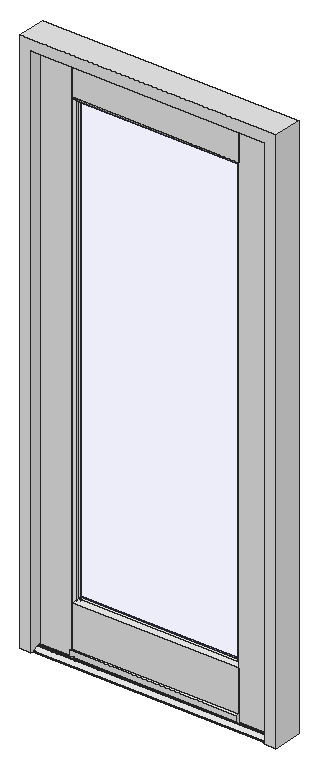
Revit family "kawneer-500_widestile-sgl-ctr-03_17320", category Doors, host Wall, Revit 2015
Parameters (values of type "3' x 7' B.R. 7 1/2"")
  URL = "http://www.kawneer.com/kawneer/north_america/en/product.asp?cat_id=1339&prod_id=1816"
  Type Comments = "CENTER HUNG"
  Thickness = 0' - 1 3/4"
  Stile Width = 0' - 5"
  Rough Width = Width + 0' 4"  # 3' - 4"
  Rough Height = Height + 0' 2"  # 7' - 2"
  Product data url = "https://bimobject.com/kawneerna/product/17196"
  Operation = ""
  Model = "Single 500 Wide Stile Door Center Set B.R. 7 1/2\""
  Manufacturer = "Kawneer"
  Height = 7' - 0"
  Wall Closure = By host
  Width = 3' - 0"
  Function = Interior
  Door Panel = Kawneer - Fluropon_Bone White-391X035
  Door Glazing = Glass
  Door Frame = Kawneer - Fluropon_Bone White-391X035
  Description = "The \"500\" wide stile entrance door features dual-moment corner construction, and it creates a monumental visual appearance for banks, libraries or buildings experiencing the heaviest traffic conditions.\r\neered for moderate traffic in applications such as stores, offices and apartment buildings. Vertical stile measures 2-1/8\" (54); top rail 2-1/4\" (57.2) and bottom rail 3-7/8\" (98.4).  "
  Bottom Rail Height = 0' - 7 1/2"
  Assembly Code = "B2030110"
Types (2): name | Operation | Model | Description | Bottom Rail Height
  3' x 7' B.R. 6 1/2" | "CENTER HUNG" | "Single 500 Wide Stile Door Center Set B.R. 6 1/2\"" | "The \"500\" wide stile entrance door features dual-moment corner construction, and it creates a monumental visual appearance for banks, libraries or buildings experiencing the heaviest traffic conditions." | 0' - 3 7/8"
  3' x 7' B.R. 7 1/2" | "" | "Single 500 Wide Stile Door Center Set B.R. 7 1/2\"" | "The \"500\" wide stile entrance door features dual-moment corner construction, and it creates a monumental visual appearance for banks, libraries or buildings experiencing the heaviest traffic conditions.\r\neered for moderate traffic in applications such as stores, offices and apartment buildings. Vertical stile measures 2-1/8\" (54); top rail 2-1/4\" (57.2) and bottom rail 3-7/8\" (98.4).  " | 0' - 7 1/2"
Reference planes (in)
  plane 1: y = 0
  plane 2 "Center": x = 0
  plane 3 "Left": x = -18
  plane 4 "Right": x = 18
  plane 5 "Top": z = 84
  plane 6 "Glass center": y = 0.125
  plane 7: z = 8.1875
  plane 8: z = 0.6875
Forms (in)
  Sweep 1, solid, material "Kawneer - Fluropon_Bone White-391X035" <- "Door Frame"
    path origin (-60, 3, 0) x (-1, 0, 0) y (0, 0, 1)
      loop
        line (-78, 0) -> (-78, 84) -> (-42, 84) -> (-42, 0)
    profile origin (0, 0, 42) x (1, 0, 0) y (0, 1, 0)
      loop
        line (20, 2.25) -> (18.25, 2.25) -> (18.25, -2.25) -> (20, -2.25) -> (20, 2.25)
  Extrusion 2, solid, material "Glass" <- "Door Glazing"
    sketch origin (0, 0.125, 0) x (1, 0, 0) y (0, 0, 1)
      loop
        line (16, 8.375) -> (16, 82) -> (-12.87501, 82) -> (-12.87501, 8.375) -> (16, 8.375)
    from 0 to 0.25
  Extrusion 3, solid, material "Kawneer - Fluropon_Bone White-391X035" <- "Door Panel"
    sketch origin (0, -0.125, 0) x (0, 1, 0) y (0, 0, 1)
      loop
        line (-0.75, 84) -> (-0.75, 79) -> (-0.68484, 79) -> (-0.24521, 78.47) -> (-0.15138, 78.47) -> (0, 78.33731) -> (0, 78.8125) -> (0.24999, 78.8125) -> (0.24999, 78.32482) -> (0.40117, 78.47) -> (0.49715, 78.47) -> (0.93677, 79) -> (1, 79) -> (1, 84) -> (0.888, 84) -> (0.888, 83.25) -> (-0.612, 83.25) -> (-0.612, 84) -> (-0.75, 84)
    from -13.06251 to 13.06251
  Extrusion 4, solid, material "Kawneer - Fluropon_Bone White-391X035" <- "Door Panel"
    sketch origin (0, -1.625, 0.15278) x (0, 1, 0) y (0, 0, 1)
      loop
        line (2.5, 0.53472) -> (2.5, 8.03472) -> (2.43512, 8.03472) -> (2.0085, 8.56703) -> (1.94736, 8.56703)
        arc (1.94736, 8.56703) -> (1.82437, 8.6428) -> (1.75, 8.76663) r 0.30526
        line (1.75, 8.76663) -> (1.75, 8.22222) -> (1.5, 8.22222) -> (1.5, 8.76663)
        arc (1.5, 8.76663) -> (1.42562, 8.6428) -> (1.30264, 8.56703) r 0.30526
        line (1.30264, 8.56703) -> (1.2675, 8.56703) -> (0.82596, 8.03472) -> (0.75, 8.03472) -> (0.75, 1.5921) -> (0.51155, 1.52781) -> (0.51155, 0.64322) -> (0.59155, 0.64322) -> (0.71055, 0.41022)
        arc (0.71055, 0.41022) -> (0.74752, 0.3939) -> (0.76384, 0.43087) r 0.02858
        line (0.76384, 0.43087) -> (0.68155, 0.64322) -> (0.75, 0.64322) -> (0.75, 0.53472) -> (0.888, 0.53472) -> (0.888, 1.25347) -> (2.388, 1.25347) -> (2.388, 0.53472) -> (2.5, 0.53472)
      loop
        line (0.901, 1.37847) -> (2.375, 1.37847) -> (2.375, 7.53572)
        arc (2.375, 7.53572) -> (2.25594, 7.55359) -> (2.201, 7.66072) r 0.1319
        line (2.201, 7.66072) -> (2.201, 7.84722) -> (1.075, 7.84722) -> (1.075, 7.66072)
        arc (1.075, 7.66072) -> (1.02006, 7.55359) -> (0.901, 7.53572) r 0.1319
        line (0.901, 7.53572) -> (0.901, 1.37847)
    from -13.06251 to 13.06251
  Extrusion 5, solid, material "Kawneer - Fluropon_Bone White-391X035" <- "Door Frame"
    sketch origin (0, -1.625, 0) x (0, 1, 0) y (0, 0, 1)
      loop
        line (2.40824, 0.342) -> (2.82032, 0.342) -> (3.31016, 0.1166)
        arc (3.31016, 0.1166) -> (3.33645, 0.09372) -> (3.34624, 0.06027) r 0.062
        line (3.34624, 0.06027) -> (3.34624, 0) -> (3.62824, 0) -> (3.62824, 0.10205)
        arc (3.62824, 0.10205) -> (3.62318, 0.11931) -> (3.60962, 0.13112) r 0.032
        line (3.60962, 0.13112) -> (2.80798, 0.5) -> (2.67111, 0.5)
        arc (2.67111, 0.5) -> (2.63911, 0.468) -> (2.60711, 0.5) r 0.032
        line (2.60711, 0.5) -> (2.45311, 0.5)
        arc (2.45311, 0.5) -> (2.42111, 0.468) -> (2.38911, 0.5) r 0.032
        line (2.38911, 0.5) -> (2.25324, 0.5) -> (2.25324, 0.45) -> (1.00324, 0.45) -> (1.00324, 0.5) -> (0.86737, 0.5)
        arc (0.86737, 0.5) -> (0.83537, 0.468) -> (0.80337, 0.5) r 0.032
        line (0.80337, 0.5) -> (0.64937, 0.5)
        arc (0.64937, 0.5) -> (0.61737, 0.468) -> (0.58537, 0.5) r 0.032
        line (0.58537, 0.5) -> (0.4485, 0.5) -> (-0.35314, 0.13112)
        arc (-0.35314, 0.13112) -> (-0.36671, 0.11931) -> (-0.37176, 0.10205) r 0.032
        line (-0.37176, 0.10205) -> (-0.37176, 0) -> (-0.08976, 0) -> (-0.08976, 0.06027)
        arc (-0.08976, 0.06027) -> (-0.07997, 0.09372) -> (-0.05368, 0.1166) r 0.062
        line (-0.05368, 0.1166) -> (0.43616, 0.342) -> (0.84724, 0.342) -> (0.84724, 0.28492) -> (2.40824, 0.28492) -> (2.40824, 0.342)
    from -18.25 to 18.25
  Extrusion 6, solid, material "Kawneer - Fluropon_Bone White-391X035" <- "Door Panel"
    sketch origin (18.13178, 0, 0) x (-1, 0, 0) y (0, -1, 0)
      loop
        line (0.22766, -0.875) -> (5.06928, -0.875) -> (5.06928, -0.81012) -> (5.59927, -0.3705) -> (5.59927, -0.30936)
        arc (5.59927, -0.30936) -> (5.66238, -0.19967) -> (5.76455, -0.125) r 0.30526
        line (5.76455, -0.125) -> (5.25677, -0.125) -> (5.25677, 0.125) -> (5.76455, 0.125)
        arc (5.76455, 0.125) -> (5.66238, 0.19967) -> (5.59927, 0.30936) r 0.30526
        line (5.59927, 0.30936) -> (5.59927, 0.3705) -> (5.06928, 0.81012) -> (5.06928, 0.875) -> (0.22765, 0.875)
        arc (0.22765, 0.875) -> (0.12658, 0.56805) -> (0.06928, 0.25) r 2.3125
        line (0.06928, 0.25) -> (0.25578, 0.25)
        arc (0.25578, 0.25) -> (0.31928, 0.312) -> (0.38178, 0.249) r 0.063
        line (0.38178, 0.249) -> (0.38178, -0.249)
        arc (0.38178, -0.249) -> (0.31928, -0.312) -> (0.25578, -0.25) r 0.063
        line (0.25578, -0.25) -> (0.06928, -0.25)
        arc (0.06928, -0.25) -> (0.12658, -0.56805) -> (0.22766, -0.875) r 2.3125
    from 0.6875 to 84
  Extrusion 7, solid, material "Kawneer - Fluropon_Bone White-391X035" <- "Door Panel"
    sketch origin (-18.13178, 0, 0) x (1, 0, 0) y (0, 1, 0)
      loop
        arc (0.22766, 0.86933) -> (0.12667, 0.56524) -> (0.06928, 0.25) r 2.28143
        line (0.06928, 0.25) -> (0.25578, 0.25)
        arc (0.25578, 0.25) -> (0.31928, 0.312) -> (0.38178, 0.249) r 0.063
        line (0.38178, 0.249) -> (0.38178, -0.26807)
        arc (0.38178, -0.26807) -> (0.31928, -0.33107) -> (0.25578, -0.26907) r 0.063
        line (0.25578, -0.26907) -> (0.06928, -0.26907)
        arc (0.06928, -0.26907) -> (0.1276, -0.57749) -> (0.22765, -0.875) r 2.2836
        line (0.22765, -0.875) -> (5.06928, -0.875) -> (5.06928, -0.81012) -> (5.59927, -0.3705) -> (5.59927, -0.30936)
        arc (5.59927, -0.30936) -> (5.66238, -0.19967) -> (5.76455, -0.125) r 0.30526
        line (5.76455, -0.125) -> (5.25677, -0.125) -> (5.25677, 0.125) -> (5.76455, 0.125)
        arc (5.76455, 0.125) -> (5.66238, 0.19967) -> (5.59927, 0.30936) r 0.30526
        line (5.59927, 0.30936) -> (5.59927, 0.3705) -> (5.06928, 0.81012) -> (5.06928, 0.86933) -> (0.22766, 0.86933)
    from 0.6875 to 84
Lines and regions (in)
  Opening 1
    outline origin (-90, -3, 0) x (1, 0, 0) y (0, 0, 1)
      loop
        line (70, 0) -> (110, 0) -> (110, 86) -> (70, 86) -> (70, 0)
  symbolic lines, style "Elevation Swing"
    curve 1: line (18, 3, 0) -> (-18, 3, 42)
    curve 2: line (-18, 3, 42) -> (18, 3, 84)
  symbolic lines
    curve 3: line (-18, 1, 0) -> (-16.25, 1, 0)
    curve 4: line (-18, 38.25, 0) -> (-18, 1, 0)
    curve 5: line (-16.25, 38.25, 0) -> (-18, 38.25, 0)
    curve 6: line (-16.25, 1, 0) -> (-16.25, 38.25, 0)
    curve 7: arc (-18, 38.25, 0) -> (7.45584, 27.70584, 0) -> (18, 2.25, 0) r 36
Text (in)
  text "Exterior" at (-58.67754, 27.31104, 0), in view "Floor Line"
  text "Interior" at (-58.34764, -25.14366, 0), in view "Floor Line"
  text "Exterior" at (0, 40.15149, 123.01588), in view "Right"
  text "Interior" at (0, -64.39139, 123.01588), in view "Right"
  text "Interior" at (0, -31.01599, 123.00693), in view "Left"
  text "Exterior" at (0, 54.57065, 123.00693), in view "Left"
Dimensions and locks (in)
  equal spacing: plane 3 "Left", plane 2 "Center", plane 4 "Right"
  "Height": level to plane 5 "Top"
  "Width": plane 3 "Left" to plane 4 "Right"
  equal spacing: host wall, curve 2, plane 5 "Top"
  locked: plane 4 "Right" to Opening 1 sketch curve at 2
  locked: Opening 1 sketch curve to plane 3 "Left" at 2
  locked: plane 5 "Top" to Opening 1 sketch curve at 2
  locked: Sweep 1 sketch curve to Sweep 1 sketch curve at 4.5
  locked: profile plane to Sweep 1 sketch curve at 2
  "Width": curve 5 to Sweep 1
  "Thickness": plane 3 "Left" to curve 6
  locked: Sweep 1 to Sweep 1 at 1.75  (x2)
  "Stile Width": Extrusion 3 sketch curve to plane 5 "Top"
  locked: plane 8 to level at 0.6875
  "Bottom Rail Height": plane 7 to plane 8
  locked: Extrusion 3 sketch curve to Extrusion 3 sketch curve at 1.75
  Extrusion 3 to host wall = 0' - 2 1/8"
  equal spacing: Sweep 1 sketch curve, host wall, Sweep 1 sketch curve
  "Stile Width": Extrusion 7 sketch curve to Extrusion 7 sketch curve
  locked: Extrusion 6 sketch curve to Extrusion 6 sketch curve at 1.75
  "Stile Width": Extrusion 6 sketch curve to Extrusion 6 sketch curve
  locked: Extrusion 6 sketch curve to Sweep 1 at 0.18749
  locked: Sweep 1 to Extrusion 7 sketch curve at 0.18749
  aligned and locked: Opening 1 sketch curve to level
  aligned and locked: plane 4 "Right" to curve 1
  aligned and locked: plane 3 "Left" to curve 1
  aligned and locked: plane 5 "Top" to curve 2
  aligned and locked: plane 4 "Right" to Sweep 1 sketch curve
  aligned and locked: Sweep 1 sketch curve to plane 3 "Left"
  aligned and locked: plane 5 "Top" to Sweep 1 sketch curve
  aligned and locked: Extrusion 3 sketch curve to Extrusion 3 sketch curve
  aligned and locked: plane 7 to Extrusion 4 sketch curve  (x2)
  aligned and locked: Extrusion 2 to Extrusion 4
  aligned and locked: plane 8 to Extrusion 4
  aligned and locked: Extrusion 3 to plane 5 "Top"  (x2)
  aligned and locked: Extrusion 7 sketch curve to Extrusion 7 sketch curve
  aligned and locked: Extrusion 5 to Sweep 1  (x2)
  aligned and locked: Extrusion 4 to Extrusion 6 sketch curve
  aligned and locked: Extrusion 4 to Extrusion 6
  aligned and locked: Extrusion 3 to Extrusion 6
  aligned and locked: Extrusion 4 to Extrusion 7
  aligned and locked: Extrusion 3 to Extrusion 7
Automatic sketch dimensions
  curve 3 to plane 3 "Left" = 0' - 0"
  curve 7 to plane 4 "Right" = 0' - 0"
  curve 3 to plane 6 "Glass center" = 0' - 0 7/8"
  curve 1 to level = 0' - 0"
  curve 2 to plane 4 "Right" = 0' - 0"
  Sweep 1 sketch curve to level = 0' - 0"  (x2)
  Sweep 1 sketch curve to profile plane = 0' - 0 1/4"
  plane 7 to Extrusion 2 sketch curve = 0' - 0 3/16"
  plane 5 "Top" to Extrusion 2 sketch curve = 0' - 2"
  Extrusion 3 sketch curve to plane 5 "Top" = 0' - 0"  (x2)
  Extrusion 3 sketch curve to plane 6 "Glass center" = 0' - 0"
  host wall to Extrusion 3 sketch curve = 0' - 0 1/8"
  Extrusion 3 sketch curve to Extrusion 3 sketch curve = 0' - 0.15138"
  Extrusion 3 sketch curve to Extrusion 3 sketch curve = 0' - 0.09383"
  host wall to Extrusion 3 sketch curve = 0' - 0.737"
  Extrusion 3 sketch curve to Extrusion 3 sketch curve = 0' - 0.43962"
  Extrusion 3 sketch curve to Extrusion 3 sketch curve = 0' - 0.138"
  Extrusion 3 sketch curve to plane 6 "Glass center" = 0' - 0.15117"
  Extrusion 3 sketch curve to Extrusion 3 sketch curve = 0' - 0.09598"
  Extrusion 3 sketch curve to Extrusion 3 sketch curve = 0' - 0.112"
  Extrusion 3 sketch curve to Extrusion 3 sketch curve = 0' - 0.06323"
  Extrusion 3 sketch curve to Extrusion 3 sketch curve = 0' - 0 3/16"
  Extrusion 3 sketch curve to Extrusion 3 sketch curve = 0' - 0.3425"  (x2)
  Extrusion 3 sketch curve to Extrusion 3 sketch curve = 0' - 0.13269"
  Extrusion 3 sketch curve to Extrusion 3 sketch curve = 0' - 0.14518"
  plane 5 "Top" to Extrusion 3 sketch curve = 0' - 0 3/4"
  Extrusion 4 sketch curve to plane 8 = 0' - 0"  (x2)
  Extrusion 4 sketch curve to plane 6 "Glass center" = 0' - 0"
  host wall to Extrusion 4 sketch curve = 0' - 0 1/8"
  Extrusion 4 sketch curve to Extrusion 4 sketch curve = 0' - 0.19736"
  Extrusion 4 sketch curve to Extrusion 4 sketch curve = 0' - 0 9/256"
  Extrusion 4 sketch curve to Extrusion 4 sketch curve = 0' - 0.05894"
  host wall to Extrusion 4 sketch curve = 0' - 0.55"
  Extrusion 4 sketch curve to Extrusion 4 sketch curve = 0' - 0.1319"  (x2)
  Extrusion 4 sketch curve to Extrusion 4 sketch curve = 0' - 0.0421"  (x2)
  Extrusion 4 sketch curve to Extrusion 4 sketch curve = 0' - 0.013"
  Extrusion 4 sketch curve to Extrusion 4 sketch curve = 0' - 0.24904"
  Extrusion 4 sketch curve to plane 8 = 0' - 0.10384"
  Extrusion 4 sketch curve to Extrusion 4 sketch curve = 0' - 0.12416"
  Extrusion 4 sketch curve to Extrusion 4 sketch curve = 0' - 0.01384"
  Extrusion 4 sketch curve to Extrusion 4 sketch curve = 0' - 0.07596"
  Extrusion 4 sketch curve to Extrusion 4 sketch curve = 0' - 0.02665"  (x2)
  Extrusion 4 sketch curve to plane 8 = 0' - 0.1245"
  Extrusion 4 sketch curve to Extrusion 4 sketch curve = 0' - 0.06845"
  plane 8 to Extrusion 4 sketch curve = 0' - 0.1085"
  Extrusion 4 sketch curve to Extrusion 4 sketch curve = 0' - 0.09"
  Extrusion 4 sketch curve to Extrusion 4 sketch curve = 0' - 0.23845"
  Extrusion 4 sketch curve to plane 6 "Glass center" = 0' - 0.19736"
  Extrusion 4 sketch curve to Extrusion 4 sketch curve = 0' - 0.06114"
  Extrusion 4 sketch curve to plane 6 "Glass center" = 0' - 0.29144"
  Extrusion 4 sketch curve to plane 6 "Glass center" = 0' - 0.451"
  Extrusion 4 sketch curve to plane 6 "Glass center" = 0' - 0.638"
  Extrusion 4 sketch curve to Extrusion 4 sketch curve = 0' - 0.23412"
  Extrusion 4 sketch curve to Extrusion 4 sketch curve = 0' - 0.06488"
  Extrusion 4 sketch curve to Extrusion 4 sketch curve = 0' - 0"  (x2)
  plane 8 to Extrusion 4 sketch curve = 0' - 0 23/32"
  Extrusion 4 sketch curve to Extrusion 4 sketch curve = 0' - 0 1/8"
  Extrusion 4 sketch curve to Extrusion 4 sketch curve = 0' - 0.14935"
  Extrusion 4 sketch curve to Extrusion 4 sketch curve = 0' - 0.06429"
  Extrusion 4 sketch curve to plane 7 = 0' - 0.499"  (x2)
  Extrusion 4 sketch curve to Extrusion 4 sketch curve = 0' - 0.1865"
  plane 7 to Extrusion 4 sketch curve = 0' - 0 3/16"
  Extrusion 4 sketch curve to Extrusion 4 sketch curve = 0' - 0.34482"  (x2)
  Extrusion 4 sketch curve to Extrusion 4 sketch curve = 0' - 0.1996"
  Extrusion 5 sketch curve to level = 0' - 0"  (x2)
  level to Extrusion 5 sketch curve = 0' - 0.10205"  (x2)
  Extrusion 5 sketch curve to host wall = 0' - 1.00324"
  level to Extrusion 5 sketch curve = 0' - 0.13112"
  Extrusion 5 sketch curve to Extrusion 5 sketch curve = 0' - 0.01862"
  level to Extrusion 5 sketch curve = 0' - 0.06027"  (x2)
  Extrusion 5 sketch curve to Extrusion 5 sketch curve = 0' - 0 1/4"  (x2)
  level to Extrusion 5 sketch curve = 0' - 0.1166"
  Extrusion 5 sketch curve to Extrusion 5 sketch curve = 0' - 0.03608"
  level to Extrusion 5 sketch curve = 0' - 0.342"  (x2)
  Extrusion 5 sketch curve to Extrusion 5 sketch curve = 0' - 0.48984"
  Extrusion 5 sketch curve to plane 8 = 0' - 0 3/16"
  Extrusion 5 sketch curve to Extrusion 5 sketch curve = 0' - 0.01233"  (x2)
  Extrusion 5 sketch curve to Extrusion 5 sketch curve = 0' - 0.13687"  (x2)
  Extrusion 5 sketch curve to Extrusion 5 sketch curve = 0' - 0.032"  (x5)
  Extrusion 5 sketch curve to Extrusion 5 sketch curve = 0' - 0.154"  (x2)
  Extrusion 5 sketch curve to Extrusion 5 sketch curve = 0' - 0.01187"
  Extrusion 5 sketch curve to Extrusion 5 sketch curve = 0' - 0.13587"  (x2)
  Extrusion 5 sketch curve to plane 8 = 0' - 0.2375"
  Extrusion 5 sketch curve to plane 6 "Glass center" = 0' - 0.50324"
  Extrusion 5 sketch curve to Extrusion 5 sketch curve = 0' - 0.01913"
  Extrusion 5 sketch curve to Extrusion 5 sketch curve = 0' - 0.46392"
  Extrusion 5 sketch curve to Extrusion 5 sketch curve = 0' - 0.02592"
  Extrusion 5 sketch curve to Extrusion 5 sketch curve = 0' - 0.062"
  Extrusion 5 sketch curve to Extrusion 5 sketch curve = 0' - 0.01338"
  Extrusion 5 sketch curve to Extrusion 5 sketch curve = 0' - 0.05708"
  Extrusion 5 sketch curve to Extrusion 5 sketch curve = 0' - 0.05"
  Extrusion 6 sketch curve to Extrusion 6 sketch curve = 0' - 0"  (x3)
  Extrusion 6 sketch curve to plane 6 "Glass center" = 0' - 0"
  Extrusion 6 sketch curve to host wall = 0' - 0"
  plane 4 "Right" to Extrusion 6 sketch curve = 0' - 0 1/4"
  Extrusion 6 sketch curve to Extrusion 6 sketch curve = 0' - 0.063"  (x2)
  Extrusion 6 sketch curve to Extrusion 6 sketch curve = 0' - 0.06299"  (x2)
  plane 4 "Right" to Extrusion 6 sketch curve = 0' - 0.09587"  (x2)
  Extrusion 6 sketch curve to plane 4 "Right" = 0' - 0 1/16"
  Extrusion 6 sketch curve to Extrusion 6 sketch curve = 0' - 0.3425"  (x2)
  Extrusion 6 sketch curve to Extrusion 6 sketch curve = 0' - 0.16528"  (x2)
  host wall to Extrusion 6 sketch curve = 0' - 0 1/8"
  Extrusion 6 sketch curve to Extrusion 6 sketch curve = 0' - 0.2904"  (x2)
  Extrusion 6 sketch curve to plane 6 "Glass center" = 0' - 0.124"
  Extrusion 6 sketch curve to Extrusion 6 sketch curve = 0' - 0.18436"  (x2)
  Extrusion 6 sketch curve to Extrusion 6 sketch curve = 0' - 0.06114"  (x2)
  Extrusion 6 sketch curve to Extrusion 6 sketch curve = 0' - 0.06488"  (x2)
  Extrusion 7 sketch curve to Extrusion 7 sketch curve = 0' - 0"  (x2)
  Extrusion 7 sketch curve to plane 6 "Glass center" = 0' - 0"
  Extrusion 7 sketch curve to host wall = 0' - 0"
  Extrusion 7 sketch curve to plane 3 "Left" = 0' - 0.09587"  (x2)
  Extrusion 7 sketch curve to plane 3 "Left" = 0' - 0.124"  (x2)
  Extrusion 7 sketch curve to Extrusion 7 sketch curve = 0' - 0.06299"  (x2)
  Extrusion 7 sketch curve to Extrusion 7 sketch curve = 0' - 0.063"
  Extrusion 7 sketch curve to plane 6 "Glass center" = 0' - 0.68512"
  Extrusion 7 sketch curve to Extrusion 7 sketch curve = 0' - 0 3/16"
  Extrusion 7 sketch curve to Extrusion 7 sketch curve = 0' - 2.91981"
  host wall to Extrusion 7 sketch curve = 0' - 0.3705"
  Extrusion 7 sketch curve to Extrusion 7 sketch curve = 0' - 0.3425"  (x2)
  Extrusion 7 sketch curve to plane 6 "Glass center" = 0' - 0.2455"
  Extrusion 7 sketch curve to Extrusion 7 sketch curve = 0' - 0.16528"  (x2)
  host wall to Extrusion 7 sketch curve = 0' - 0 1/8"
  Extrusion 7 sketch curve to Extrusion 7 sketch curve = 0' - 0.2904"  (x2)
  Extrusion 7 sketch curve to Extrusion 7 sketch curve = 0' - 0.03294"
  Extrusion 7 sketch curve to Extrusion 7 sketch curve = 0' - 0.43962"
  host wall to Extrusion 7 sketch curve = 0' - 0 7/8"
  Extrusion 7 sketch curve to plane 6 "Glass center" = 0' - 0.124"
  Extrusion 7 sketch curve to Extrusion 7 sketch curve = 0' - 0.06114"
  plane 4 "Right" to Extrusion 2 sketch curve = 0' - 2"
  Extrusion 6 sketch curve to Extrusion 6 sketch curve = 0' - 0 3/16"
  Extrusion 2 sketch curve to plane 3 "Left" = 0' - 5 1/8"
  Extrusion 7 sketch curve to Extrusion 7 sketch curve = 0' - 0.18651"
